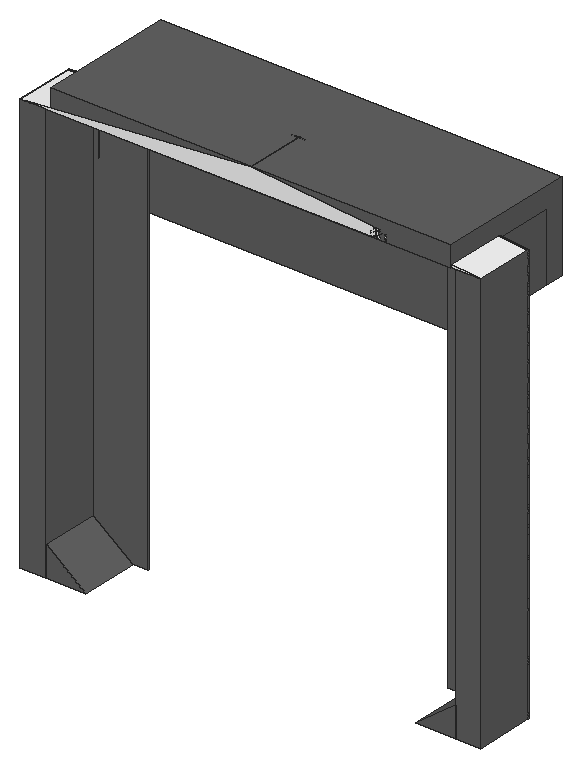
Revit family "BDS-S Blackout (BDS-K Blockade)", category Generic Models, host Wall, Revit 2015
Parameters (values of type "11'-6" x 11', Standard Projection")
  Width = 11' - 6"
  URL = "https://www.entrematic.us/en/ent/entrematicus/"
  Height = 11' - 0"
  Projection = 1' - 6"
  Opening = 7' - 6"
  Model = "S-2200 Ultra Dock (FSR-1000 Foamside)"
  Manufacturer = "Entrematic"
  DryDockWidth = 10' - 0"
  DropCurtain = 3' - 0"
  Description = "Foamside Dock Shelter"
  CurtainW = Width - 1' 0"  # 10' - 6"
Types (5): name | Width | Height | Projection | CurtainW
  (no name) | 11' - 6" | 11' - 0" | 1' - 6" | 10' - 6"
  11'-6" x 11', Standard Projection | 11' - 6" | 11' - 0" | 1' - 6" | 10' - 6"
  11'-6" x 11', Swing-In Projection | 11' - 6" | 11' - 0" | 2' - 4" | 10' - 6"
  12'-6" x 12-2', Swing-In Projection | 12' - 2" | 12' - 6" | 2' - 4" | 11' - 2"
  12'-6" x 12-2', Standard Projection | 12' - 2" | 12' - 6" | 1' - 6" | 11' - 2"
Reference planes (in)
  plane 1: y = 0
  plane 2 "Center (Left/Right)": x = 0
  plane 3 "Wall Edge": y = 3
  plane 4: x = -45
  plane 5: x = -69
  plane 6: x = 45
  plane 7: x = 69
  plane 8: z = 132
  plane 9: z = 126
  plane 10: y = 21
  plane 11: y = 3
  plane 12: y = 21.03125
  plane 13: z = 7.5
  plane 14: z = 16
  plane 15: x = 48
  plane 16: x = 51
  plane 17: x = -51
  plane 18: x = -48
  plane 19: z = 96
  plane 20: y = 20.75
  plane 21: x = 61.5
  plane 22: x = -61.5
  plane 23: z = 9
  plane 24: x = -49.5
  plane 25: z = 9
  plane 26: x = 49.5
  plane 27: x = -63
  plane 28: x = 63
  plane 29: y = 21.25
  plane 30: y = 39
  plane 31: y = 44.5
  plane 32: z = 105.5
  plane 33: x = 60
  plane 34: x = -60
  plane 35: x = -59.75
  plane 36: x = 59.75
Forms (in)
  Extrusion 1, solid, material "Guide Stripe"
    sketch origin (0, 3, 0) x (1, 0, 0) y (0, 0, 1)
      loop
        line (51, 7.5) -> (51, 16) -> (48, 16) -> (48, 7.5) -> (51, 7.5)
      loop
        line (-51, 7.5) -> (-48, 7.5) -> (-48, 16) -> (-51, 16) -> (-51, 7.5)
    from -18.03125 to -18
  Extrusion 2, solid, material "Black Vinyl"
    sketch origin (0, 3, 0) x (1, 0, 0) y (0, 0, 1)
      loop
        line (69, 126) -> (61.5, 126) -> (61.5, 0) -> (69, 0) -> (69, 126)
      loop
        line (-61.5, 126) -> (-69, 126) -> (-69, 0) -> (-61.5, 0) -> (-61.5, 126)
    from -17.75 to 0
  Extrusion 3, solid, material "Black Vinyl"
    sketch origin (0, 3, 0) x (1, 0, 0) y (0, 0, 1)
      loop
        line (69, 0) -> (69, 126) -> (0, 132) -> (-69, 126) -> (-69, 0) -> (-45, 0) -> (-45, 126) -> (45, 126) -> (45, 0) -> (69, 0)
    from -18 to -17.75
  Extrusion 4, solid, material "White Vinyl"
    sketch origin (0, 3, 0) x (1, 0, 0) y (0, 0, 1)
      loop
        line (69, 126) -> (0, 132) -> (-69, 126) -> (69, 126)
    from -17.75 to 0
  Extrusion 5, solid, material "Black Vinyl"
    sketch origin (0, 3, 0) x (1, 0, 0) y (0, 0, 1)
      loop
        line (-61.5, 9) -> (-61.5, 0) -> (-49.5, 0) -> (-61.5, 9)
      loop
        line (61.5, 9) -> (49.5, 0) -> (61.5, 0) -> (61.5, 9)
    from -17.75 to 0
  Extrusion 6, solid, material "Black Vinyl"
    sketch origin (0, 3, 0) x (1, 0, 0) y (0, 0, 1)
      loop
        line (63, 126.52174) -> (0, 132) -> (-63, 126.52174) -> (-63, 96) -> (63, 96) -> (63, 126.52174)
    from -18 to -18.25
  Extrusion 7, solid, material "Black Vinyl"
    sketch origin (0, 0, 0) x (0, 1, 0) y (0, 0, 1)
      loop
        line (3, 132) -> (3, 126) -> (39, 126) -> (39, 105.5) -> (44.5, 105.5) -> (44.5, 132) -> (3, 132)
    from -60 to 60
  Extrusion 8, solid, material "Black Vinyl"
    sketch origin (0, 0, 0) x (1, 0, 0) y (0, 1, 0)
      loop
        line (-59.75, 39) -> (-60, 39) -> (-60, 21) -> (-59.75, 21) -> (-59.75, 39)
      loop
        line (60, 39) -> (59.75, 39) -> (59.75, 21) -> (60, 21) -> (60, 39)
    from 105.5 to 126
Text (in)
  text "Placement Side" at (0, 55.39589, 123.01588), in view "Right"
  text "Placement Side" at (-70.3804, 74.20961, 0), in view "Ref. Level"
  text "Placement Side" at (0, 81.62555, 140.59947), in view "Left"
Dimensions and locks (in)
  locked: plane 3 "Wall Edge" to host wall
  equal spacing: plane 6, plane 2 "Center (Left/Right)", plane 4
  equal spacing: plane 7, plane 2 "Center (Left/Right)", plane 5
  "Projection": plane 10 to plane 11
  plane 12 to plane 10 = 0' - 0 1/32"
  level to Extrusion 1 = 1' - 4"
  plane 16 to plane 15 to plane 6 = 0' - 3" locked, 0' - 3" locked
  plane 17 to plane 18 to plane 4 = 0' - 3" locked, 0' - 3" locked
  locked: plane 13 to plane 14 at 8.5
  locked: level to plane 13 at 7.5
  "Width": plane 7 to plane 5
  "Opening": plane 6 to plane 4
  "Height": level to plane 8
  locked: plane 9 to plane 8 at 6
  "DropCurtain": plane 19 to plane 8
  locked: plane 20 to plane 10 at 0.25
  locked: plane 21 to plane 7 at 7.5
  locked: plane 5 to plane 22 at 7.5
  locked: plane 23 to level at 9
  locked: plane 25 to level at 9
  locked: plane 24 to plane 22 at 12
  locked: plane 21 to plane 26 at 12
  equal spacing: plane 27, plane 2 "Center (Left/Right)", plane 28
  "CurtainW": plane 27 to plane 28
  locked: plane 29 to plane 10 at 0.25
  locked: plane 10 to plane 30 at 18
  locked: plane 30 to plane 31 at 5.5
  locked: plane 8 to plane 32 at 26.5
  equal spacing: plane 34, plane 2 "Center (Left/Right)", plane 33
  "DryDockWidth": plane 34 to plane 33
  locked: plane 34 to plane 35 at 0.25
  locked: plane 36 to plane 33 at 0.25
  aligned and locked: plane 11 to host wall
  aligned and locked: Extrusion 1 to plane 10
  aligned and locked: plane 12 to Extrusion 1
  aligned and locked: plane 15 to Extrusion 1 sketch curve
  aligned and locked: Extrusion 1 sketch curve to plane 16
  aligned and locked: Extrusion 1 sketch curve to plane 13
  aligned and locked: Extrusion 1 sketch curve to plane 14
  aligned and locked: plane 13 to Extrusion 1 sketch curve
  aligned and locked: Extrusion 1 sketch curve to plane 17
  aligned and locked: plane 18 to Extrusion 1 sketch curve
  aligned and locked: plane 14 to Extrusion 1 sketch curve
  aligned and locked: plane 9 to Extrusion 2 sketch curve
  aligned and locked: plane 22 to Extrusion 2 sketch curve
  aligned and locked: Extrusion 2 sketch curve to level
  aligned and locked: Extrusion 2 sketch curve to plane 5
  aligned and locked: Extrusion 2 sketch curve to plane 7
  aligned and locked: plane 21 to Extrusion 2 sketch curve
  aligned and locked: Extrusion 2 sketch curve to plane 9
  aligned and locked: level to Extrusion 2 sketch curve
  aligned and locked: Extrusion 2 to plane 20
  aligned and locked: Extrusion 2 to plane 11
  aligned and locked: Extrusion 3 sketch curve to level  (x2)
  aligned and locked: Extrusion 3 sketch curve to plane 5
  aligned and locked: plane 7 to Extrusion 3 sketch curve
  aligned and locked: Extrusion 3 sketch curve to plane 6
  aligned and locked: plane 4 to Extrusion 3 sketch curve
  aligned and locked: plane 10 to Extrusion 3
  aligned and locked: Extrusion 3 to plane 20
  aligned and locked: plane 8 to Extrusion 4 sketch curve
  aligned and locked: plane 5 to Extrusion 4 sketch curve
  aligned and locked: plane 7 to Extrusion 4 sketch curve
  aligned and locked: Extrusion 4 sketch curve to plane 9
  aligned and locked: Extrusion 3 to Extrusion 4  (x2)
  aligned and locked: plane 20 to Extrusion 4
  aligned and locked: Extrusion 4 to plane 3 "Wall Edge"
  aligned and locked: Extrusion 5 sketch curve to plane 22
  aligned and locked: Extrusion 5 sketch curve to level
  aligned and locked: plane 24 to Extrusion 5 sketch curve
  aligned and locked: level to Extrusion 5 sketch curve
  aligned and locked: Extrusion 5 sketch curve to plane 21
  aligned and locked: plane 25 to Extrusion 5 sketch curve
  aligned and locked: plane 26 to Extrusion 5 sketch curve
  aligned and locked: plane 3 "Wall Edge" to Extrusion 5
  aligned and locked: plane 20 to Extrusion 5
  aligned and locked: plane 9 to Extrusion 3 sketch curve
  aligned and locked: Extrusion 6 sketch curve to Extrusion 3
  aligned and locked: Extrusion 3 to Extrusion 6 sketch curve
  aligned and locked: plane 27 to Extrusion 6 sketch curve
  aligned and locked: Extrusion 6 sketch curve to plane 28
  aligned and locked: Extrusion 6 sketch curve to plane 19
  aligned and locked: Extrusion 6 to plane 10
  aligned and locked: Extrusion 6 to plane 29
  aligned and locked: Extrusion 7 sketch curve to plane 8
  aligned and locked: plane 9 to Extrusion 7 sketch curve
  aligned and locked: plane 3 "Wall Edge" to Extrusion 7 sketch curve
  aligned and locked: plane 32 to Extrusion 7 sketch curve
  aligned and locked: Extrusion 7 sketch curve to plane 31
  aligned and locked: plane 30 to Extrusion 7 sketch curve
  aligned and locked: Extrusion 7 to plane 33
  aligned and locked: plane 34 to Extrusion 7
  aligned and locked: plane 35 to Extrusion 8 sketch curve
  aligned and locked: Extrusion 8 sketch curve to plane 10  (x2)
  aligned and locked: Extrusion 7 to Extrusion 8 sketch curve  (x2)
  aligned and locked: Extrusion 8 sketch curve to plane 36
  aligned and locked: Extrusion 8 to plane 32
  aligned and locked: Extrusion 7 to plane 30
  aligned and locked: plane 30 to Extrusion 8 sketch curve  (x2)
  aligned and locked: plane 9 to Extrusion 8
Automatic sketch dimensions
  Extrusion 4 sketch curve to plane 2 "Center (Left/Right)" = 0' - 0"
  Extrusion 5 sketch curve to plane 23 = 0' - 0"
  Extrusion 3 sketch curve to plane 2 "Center (Left/Right)" = 0' - 0"
  Extrusion 3 sketch curve to plane 9 = 0' - 0"  (x2)
  Extrusion 3 sketch curve to plane 8 = 0' - 0"
